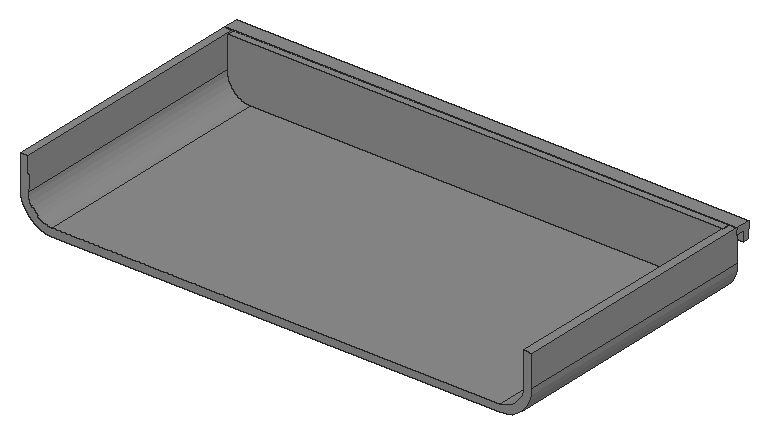
Revit family "Haworth_Belong_Tool_TrayShelf", category Furniture Systems, Revit 2018
Family settings
  Round Connector Dimension = Use Diameter
  Part Type = Normal
  OmniClass Number = 23.40.70.14.64.21
  OmniClass Title = Systems Furniture
  Work Plane-Based = No
  Always vertical = Yes
  Cut with Voids When Loaded = No
  Shared = No
  Room Calculation Point = No
Parameters (values of type "Hanging Mini Shelf")
  Warranty = "http://www.haworth.com/resources/product-info/warranties"
  URL - Product = "http://www.haworth.com/products/accessories/work-tools/belong"
  URL = "www.haworth.com"
  Sustainability Info = "https://www.haworth.com/na/en/expertise/sustainability.html"
  Size = "Verify Final Dim. w/ Haworth"  # constant formula
  Shelf Finish = Haworth _ Paint _ Graphite
  Revision Number = "2"  # constant formula
  Model = "Haworth - Belong Tools - Tray Shelf"  # constant formula
  Manufacturer = "Haworth"  # constant formula
  Hanging Support = not(Freestanding Document Tray)  # yes
  Hanging Mini Shelf = not(or(Hanging Document Tray, Freestanding Document Tray))  # yes
  Hanging Document Tray = no
  Freestanding Document Tray = no
  Description = "Haworth - Belong Tools - Tray Shelf"  # constant formula
  Back Offset = if(Freestanding Document Tray, 1/4", 0")  # 0"
  Author = "Haworth (Hampton)"  # constant formula
  Assembly Code = "E2020200"
  Actual Width = if(Hanging Mini Shelf, 8", 12 3/4")  # 8"
  Actual Height = if(Hanging Mini Shelf, 1", if(Hanging Document Tray, 1 1/2", 2 1/2"))  # 1"
  Actual Depth = if(Hanging Mini Shelf, 4", 8 7/8")  # 4"
Types (3): name | Hanging Support | Hanging Mini Shelf | Hanging Document Tray | Freestanding Document Tray | Back Offset | Actual Width | Actual Height | Actual Depth
  Hanging Document Tray | yes | no | yes | no | 0" | 12 3/4" | 1 1/2" | 8 7/8"
  Hanging Mini Shelf | yes | yes | no | no | 0" | 8" | 1" | 4"
  Freestanding Document Tray | no | no | no | yes | 1/4" | 12 3/4" | 2 1/2" | 8 7/8"
Reference planes (in)
  plane 1 "Back": y = 0
  plane 2: z = 0
  plane 3 "Center L/R": x = 6.5
  plane 4 "Bottom": z = 0
  plane 5 "Top": z = 1
  plane 6 "Left": x = 2.5
  plane 7 "Right": x = 10.5
  plane 8 "Front": y = -4
  plane 9 "Inside Bottom": z = 0.125
  plane 10 "Inside Right": x = 10.375
  plane 11 "Inside Left": x = 2.625
  plane 12 "Center F/B": y = -2
  plane 13 "Shelf Lip": z = 0.90625
  plane 14 "Inside Back": y = -0.125
  plane 15 "Lip Bottom": z = 0.75
  plane 16 "Lip Middle": y = 0.125
  plane 17 "Lip Back": y = 0.21875
  plane 18 "Back Top": z = 1
Forms (in)
  Extrusion 1, solid, material "Haworth _ Paint _ Graphite" <- "Shelf Finish"
    sketch origin (0, 0, -50) x (1, 0, 0) y (0, 0, 1)
      loop
        line (2.625, 51) -> (2.5, 51) -> (2.5, 50.5)
        arc (2.5, 50.5) -> (2.64645, 50.14645) -> (3, 50) r 0.5
        line (3, 50) -> (10, 50)
        arc (10, 50) -> (10.35355, 50.14645) -> (10.5, 50.5) r 0.5
        line (10.5, 50.5) -> (10.5, 51) -> (10.375, 51) -> (10.375, 50.5)
        arc (10.375, 50.5) -> (10.26517, 50.23483) -> (10, 50.125) r 0.375
        line (10, 50.125) -> (3, 50.125)
        arc (3, 50.125) -> (2.73483, 50.23483) -> (2.625, 50.5) r 0.375
        line (2.625, 50.5) -> (2.625, 51)
    from 0 to 4
  Extrusion 2, solid, material "Haworth _ Paint _ Graphite" <- "Shelf Finish"
    sketch origin (0, 0, -50) x (1, 0, 0) y (0, 0, 1)
      loop
        line (2.625, 51) -> (2.625, 50.5)
        arc (2.625, 50.5) -> (2.73483, 50.23483) -> (3, 50.125) r 0.375
        line (3, 50.125) -> (10, 50.125)
        arc (10, 50.125) -> (10.26517, 50.23483) -> (10.375, 50.5) r 0.375
        line (10.375, 50.5) -> (10.375, 51) -> (2.625, 51)
    from 0 to 0.125
  Extrusion 3, solid, material "Haworth _ Paint _ Graphite" <- "Shelf Finish", visible <- "Hanging Support"
    sketch origin (6.5, 0, -50) x (0, 1, 0) y (0, 0, 1)
      loop
        line (0, 50.90625) -> (0.125, 50.90625) -> (0.125, 50.75) -> (0.21875, 50.75) -> (0.21875, 51) -> (0, 51) -> (0, 50.90625)
    from -4 to 4
Lines and regions (in)
  Masking region 1
    outline origin (0, 0, 0) x (1, 0, 0) y (0, 1, 0)
      loop
        line (2.5, 0) -> (2.5, -4) -> (10.5, -4) -> (10.5, 0) -> (2.5, 0)
Dimensions and locks (in)
  "Actual Height": plane 5 "Top" to plane 4 "Bottom"
  equal spacing: plane 7 "Right", plane 3 "Center L/R", plane 6 "Left"
  "Actual Width": plane 7 "Right" to plane 6 "Left"
  "Actual Depth": plane 8 "Front" to plane 1 "Back"
  plane 11 "Inside Left" to plane 6 "Left" = 1/8"
  plane 7 "Right" to plane 10 "Inside Right" = 1/8"
  equal spacing: plane 8 "Front", plane 12 "Center F/B", plane 1 "Back"
  plane 14 "Inside Back" to plane 1 "Back" = 1/8"
  plane 1 "Back" to plane 16 "Lip Middle" = 1/8"
  plane 16 "Lip Middle" to plane 17 "Lip Back" = 3/32"
  "Back Offset": plane 5 "Top" to plane 18 "Back Top"
  locked: plane 5 "Top" to plane 13 "Shelf Lip" at 0.09375
  locked: plane 13 "Shelf Lip" to plane 15 "Lip Bottom" at 0.15625
  aligned and locked: Extrusion 1 to plane 1 "Back"
  aligned and locked: Extrusion 1 to plane 8 "Front"
  aligned and locked: Extrusion 2 sketch curve to plane 11 "Inside Left"
  aligned and locked: Extrusion 2 sketch curve to plane 18 "Back Top"
  aligned and locked: plane 10 "Inside Right" to Extrusion 2 sketch curve
  aligned and locked: plane 9 "Inside Bottom" to Extrusion 2 sketch curve
  aligned and locked: Extrusion 2 to plane 1 "Back"
  aligned and locked: plane 14 "Inside Back" to Extrusion 2
  aligned and locked: plane 6 "Left" to Extrusion 3
  aligned and locked: Extrusion 3 to plane 7 "Right"
Automatic sketch dimensions
  Masking region 1 sketch curve to plane 6 "Left" = 0"
  Masking region 1 sketch curve to plane 7 "Right" = 0"
  Masking region 1 sketch curve to plane 8 "Front" = 0"
  plane 1 "Back" to Masking region 1 sketch curve = 0"
  Extrusion 1 sketch curve to Extrusion 1 sketch curve = 0"  (x4)
  Extrusion 1 sketch curve to plane 5 "Top" = 0"  (x2)
  Extrusion 1 sketch curve to plane 6 "Left" = 0"
  Extrusion 1 sketch curve to plane 11 "Inside Left" = 0"
  Extrusion 1 sketch curve to plane 9 "Inside Bottom" = 0"
  Extrusion 1 sketch curve to plane 10 "Inside Right" = 0"
  plane 11 "Inside Left" to Extrusion 1 sketch curve = 3/8"
  Extrusion 1 sketch curve to plane 10 "Inside Right" = 3/8"
  plane 9 "Inside Bottom" to Extrusion 2 sketch curve = 3/8"
  Extrusion 2 sketch curve to plane 10 "Inside Right" = 3/8"
  Extrusion 3 sketch curve to plane 1 "Back" = 0"
  Extrusion 3 sketch curve to plane 13 "Shelf Lip" = 0"
  Extrusion 3 sketch curve to plane 16 "Lip Middle" = 0"
  Extrusion 3 sketch curve to plane 5 "Top" = 0"
  Extrusion 3 sketch curve to plane 17 "Lip Back" = 0"
  Extrusion 3 sketch curve to plane 15 "Lip Bottom" = 0"
